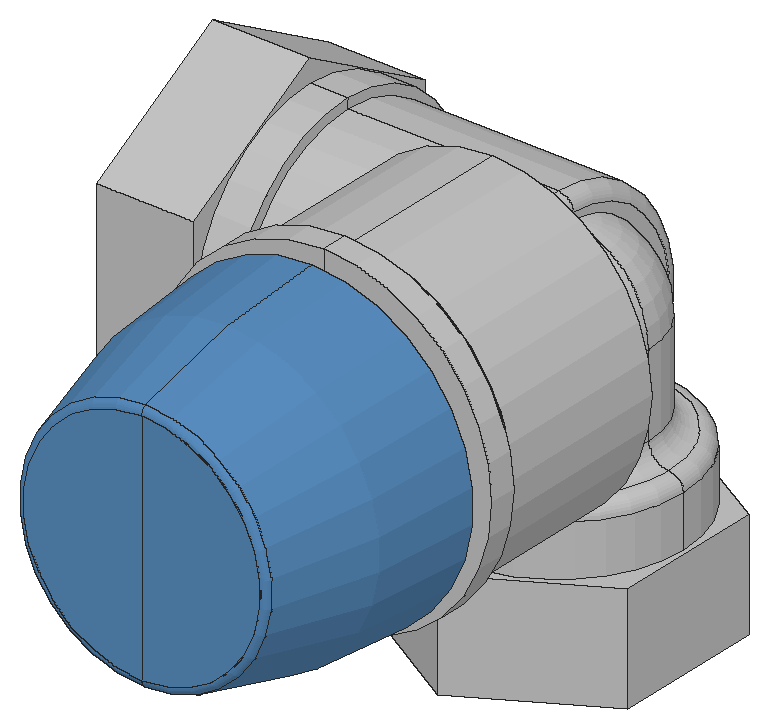
Revit family "Resideo_ThermostaticRadiatorValve_V2100RSSS", category Pipe Accessories, Revit 2020
Family settings
  Round Connector Dimension = Use Radius
  Part Type = Valve - Breaks Into
  OmniClass Number = 23.65.55.00
  OmniClass Title = Distribution of Supplied Liquids/Gases
  Work Plane-Based = No
  Always vertical = Yes
  Cut with Voids When Loaded = No
  Shared = No
Parameters (values of type "V2100RPI15")
  pH-Value = "8 ... 9.5"
  b = 10.00 mm
  a = 20.00 mm
  _ObjectUserGuide = "https://www.bimstore.co/products/thermostatic-radiator-valve-v2100r/document/object-user-guide"
  _DistributedBy = "https://www.bimstore.co/"
  _CurrentRevision = 1
  _CreatedBy = "https://www.bimstore.co/"
  _BimSpecGuid = 0
  _BSBibleVersion = 16
  _AuthorizedBy = "bimstore"
  _Author = "AM"
  WarrantyStartDate [instance] = "Please record on commissioning"
  WarrantyGuarantorParts = "www.resideo.com/gb/en/contact-us/"
  WarrantyGuarantorLabor = "www.resideo.com/gb/en/contact-us/"
  WarrantyDurationUnit = "Year"
  WarrantyDurationParts = "0"
  WarrantyDurationLabor = "0"
  WarrantyDescription = "n/a"
  ValveType = "V2100R"
  ValveSeries = "V2100, Kombi-TRV"
  TypeName = "V2100RPI15"
  StrokeStandard = "2.5 mm"
  SpareParts = "n/a"
  Size = "70mm (L) x 48mm (H) x 54mm (D)"
  Shape = "n/a"
  SerialNumber [instance] = "Please record on commissioning"
  SecondaryMaterial = Resideo - Plastic - Blue
  ReplacementCost = "n/a"
  ReferencedStandard = "n/a"
  RadiatorConnection = "R 1/2\""
  ProductionYear = "2023"
  PrimaryMaterial = Resideo - Brass - Nickel Plated
  PreSetting = "Yes"
  PipeConnection = "Rp 1/2\""
  NominalPressure = "PN10"
  NominalLength = 70.00 mm
  NominalHeight = 48.00 mm
  NominalFlow = "120 kg/h"
  NominalDepth = 54.00 mm
  NBSReference = "90-10-90/364"
  NBSOfficeMasterTag = "n/a"
  NBSObjectName = "Resideo - Thermostatic radiator valves"
  NBSNote = "n/a"
  NBSDescription = "Thermostatic radiator valves"
  ModelReference = "KOMBI-TRV, DN15, RIGHT CORNER, RP1/2\""
  ModelNumber = "V2100RPI15"
  MinimumFlow = 0.17 L/min
  MediumType = "Water or water-glycol mixture according to VDI 2035"
  MediaTemperatureRange = "2 ... 90 °C"
  MaximumOperatingPressure = 10.0 bar
  MaximumFlow = 2.67 L/min
  MaximumAmbientRelativeHumidity = "75 % (non condensing)"
  Material = "Brass"
  ManufacturerName = "Resideo"
  InstallationDate [instance] = "Please record on commissioning"
  IfcExportType = "IfcValveTypeEnum.ISOLATING"
  IfcExportAs = "IfcValve"
  Grade = "n/a"
  Force = "90 Nm"
  FlowController = "Yes"
  Finish = "n/a"
  Features = "n/a"
  ExpectedLife = 0
  DurationUnit = "Year"
  DocumentationTechnical = "https://www.bimstore.co/products/thermostatic-radiator-valve-v2100r/document/technical-data-sheet"
  DocumentationMaintenance = "https://www.bimstore.co/products/thermostatic-radiator-valve-v2100r/document/maintenance-information"
  DocumentationLiterature = "https://www.bimstore.co/products/thermostatic-radiator-valve-v2100r/document/product-literature"
  DocumentationInstallationGuide = "https://www.bimstore.co/products/thermostatic-radiator-valve-v2100r/document/installation-guide"
  DocumentationCertificates = "https://www.bimstore.co/products/thermostatic-radiator-valve-v2100r/document/product-certificates"
  DifferentialPressure = "0.1 … 0.6 bar"
  Default Elevation = 0.00 mm
  CreatedOn = "2023-09-15 T:09:00:00"
  CreatedBy = "www.resideo.com/gb/en/contact-us/"
  Constituents = "n/a"
  ConnectionType = "M30x1.5"
  ConnectionSize = 15.00 mm
  ConnectionRadius = ConnectionSize / 2  # 7.50 mm
  Color = "n/a"
  CodePerformance = "n/a"
  ClosingDimension = "11.5 mm"
  ClassificationValue = "Pr_65_54_95_89"
  ClassificationName = "Uniclass 2015"
  BarCode [instance] = "Please record on commissioning"
  BIMObjectName = "Resideo_ThermostaticRadiatorValve_V2100R"
  AssetType = "Fixed"
  AssetIdentifier [instance] = "Please record on commissioning"
  URL = "www.resideo.com"
  Type Comments = "KOMBI-TRV, DN15, RIGHT CORNER, RP1/2\""
  Model = "V2100RPI15"
  Manufacturer = "Resideo"
  Loss Method = K Coefficient
  Keynote = "S"
  K Coefficient = 0
  Description = "KOMBI-TRV, DN15, RIGHT CORNER, RP1/2\""
  Cost = 0
  Assembly Code = "D20"
  AmbientTemperature = "0 ... 40 °C"
  AccessibilityPerformance = "n/a"
Types (2, lengths in mm): name | b | a | TypeName | RadiatorConnection | PipeConnection | ModelReference | ModelNumber | ConnectionSize | ConnectionRadius | Type Comments | Model | Description
  V2100RPI10-1/2 | 7.00 | 15.00 | "V2100RPI10-1/2" | "R 3/8\"" | "Rp 3/8\"" | "KOMBI-TRV, DN10, RIGHT CORNER, RP1/2\"" | "V2100RPI10-1/2" | 10.00 | 5.00 | "KOMBI-TRV, DN10, RIGHT CORNER, RP1/2\"" | "V2100RPI10-1/2" | "KOMBI-TRV, DN10, RIGHT CORNER, RP1/2\""
  V2100RPI15 | 10.00 | 20.00 | "V2100RPI15" | "R 1/2\"" | "Rp 1/2\"" | "KOMBI-TRV, DN15, RIGHT CORNER, RP1/2\"" | "V2100RPI15" | 15.00 | 7.50 | "KOMBI-TRV, DN15, RIGHT CORNER, RP1/2\"" | "V2100RPI15" | "KOMBI-TRV, DN15, RIGHT CORNER, RP1/2\""
Reference planes
  plane 1 "Center (Front/Back)": y = 0
  plane 2: z = 0
  plane 3 "Center (Left/Right)": x = 0
Forms (mm)
  Revolve 1, solid, material "Resideo - Plastic - Blue" <- "SecondaryMaterial", detail levels medium+fine
    sketch origin (0, 0, 0) x (0, 1, 0) y (0, 0, 1)
      loop
        line (-32.075, 4.5) -> (-32.075, 21.255)
        arc (-32.075, 21.255) -> (-42.957, 20.366) -> (-53.517, 17.593) r 62.407
        arc (-53.517, 17.593) -> (-53.922, 17.286) -> (-54.075, 16.801) r 0.842
        line (-54.075, 16.801) -> (-54.075, 4.5) -> (-32.075, 4.5)
      axis (-32.075, 4.5) -> (-54.075, 4.5)
    angle from 0 to 360
  Revolve 2, solid, material "Resideo - Brass - Nickel Plated" <- "PrimaryMaterial", detail levels medium+fine
    sketch origin (0, 0, 0) x (0, 1, 0) y (0, 0, 1)
      loop
        line (-32.075, 4.5) -> (0.012, 4.5) -> (0.012, 6.761) -> (-8.541, 20.996) -> (-26.697, 20.996) -> (-27.701, 22) -> (-30.5, 22) -> (-30.5, 19.5) -> (-32.075, 19.5) -> (-32.075, 4.5)
      axis (-32.075, 4.5) -> (0.012, 4.5)
    angle from 0 to 360
  Extrusion 3, solid, material "Resideo - Brass - Nickel Plated" <- "PrimaryMaterial", detail levels medium+fine
    sketch origin (0, 0, 0) x (1, 0, 0) y (0, 1, 0)
      loop
        line (-13.5, 7.794) -> (-13.5, -7.794) -> (0, -15.588) -> (13.5, -7.794) -> (13.5, 7.794) -> (0, 15.588) -> (-13.5, 7.794)
      loop
        circle (0, 0) r 7.5
    from -14.835 to -26
  Extrusion 4, solid, material "Resideo - Brass - Nickel Plated" <- "PrimaryMaterial", detail levels medium+fine
    sketch origin (0, 0, 0) x (0, 1, 0) y (0, 0, 1)
      loop
        line (15, 8.66) -> (0, 17.321) -> (-15, 8.66) -> (-15, -8.66) -> (0, -17.321) -> (15, -8.66) -> (15, 8.66)
      loop
        circle (0, 0) r 7.5
    from -35.901 to -25.85
  Revolve 5, solid, material "Resideo - Brass - Nickel Plated" <- "PrimaryMaterial", detail levels medium+fine
    sketch origin (0, 0, 0) x (1, 0, 0) y (0, 0, 1)
      loop
        line (-21.85, 15) -> (-25.85, 15) -> (-25.85, 0) -> (1.5, 0) -> (1.5, 12.5)
        arc (1.5, 12.5) -> (1.061, 13.561) -> (0, 14) r 1.5
        line (0, 14) -> (-21.85, 14) -> (-21.85, 15)
      axis (1.5, 0) -> (-25.85, 0)
    angle from 0 to 360
  Revolve 6, solid, material "Resideo - Brass - Nickel Plated" <- "PrimaryMaterial", detail levels medium+fine
    sketch origin (0, 0, 0) x (1, 0, 0) y (0, 0, 1)
      loop
        line (0, -14.835) -> (0, 11.9)
        arc (0, 11.9) -> (-6.647, 9.147) -> (-9.4, 2.5) r 9.4
        line (-9.4, 2.5) -> (-9.4, -5.9)
        arc (-9.4, -5.9) -> (-10.015, -7.385) -> (-11.5, -8) r 2.1
        arc (-11.5, -8) -> (-12.561, -8.439) -> (-13, -9.5) r 1.5
        line (-13, -9.5) -> (-13, -14.835) -> (0, -14.835)
      axis (0, 11.9) -> (0, -14.835)
    angle from 0 to 360
Lines and regions (mm)
  model lines, detail levels coarse
    curve 1: line (-7.5, 0, -15) -> (7.5, 0, -15)
    curve 2: line (-7.5, 0, -15) -> (0, 0, 0)
    curve 3: line (7.5, 0, -15) -> (0, 0, 0)
    curve 4: line (0, 0, -15) -> (0, 0, -26)
    curve 5: line (-7.5, -20, 0) -> (7.5, -20, 0)
    curve 6: line (-7.5, -20, 0) -> (-7.5, -10, 0)
    curve 7: line (7.5, -20, 0) -> (7.5, -10, 0)
    curve 8: line (0, 0, 0) -> (0, -20, 0)
    curve 9: line (-15, 0, 7.5) -> (-15, 0, -7.5)
    curve 10: line (-15, 0, 7.5) -> (0, 0, 0)
    curve 11: line (-15, 0, -7.5) -> (0, 0, 0)
    curve 12: line (-35.901, 0, 0) -> (-15, 0, 0)
Dimensions and locks
  equal spacing: curve 1, plane 3 "Center (Left/Right)", curve 1
  "ConnectionSize": curve 1 to curve 1
  "ConnectionSize": level to curve 1
  equal spacing: curve 5, plane 3 "Center (Left/Right)", curve 5
  "ConnectionSize": curve 5 to curve 5
  "a": curve 5 to plane 1 "Center (Front/Back)"
  "b": curve 5 to curve 6
  "b": curve 5 to curve 7
  equal spacing: curve 9, level, curve 9
  "ConnectionSize": curve 9 to curve 9
  "ConnectionSize": plane 3 "Center (Left/Right)" to curve 9
  "ConnectionRadius": radius of Extrusion 4 sketch curve
  "ConnectionRadius": radius of Extrusion 3 sketch curve
  aligned and locked: level to plane 2
  aligned and locked: level to Extrusion 4 sketch curve
  aligned and locked: plane 1 "Center (Front/Back)" to Extrusion 4 sketch curve
  aligned and locked: plane 1 "Center (Front/Back)" to Extrusion 3 sketch curve
  aligned and locked: plane 3 "Center (Left/Right)" to Extrusion 3 sketch curve
  aligned and locked: plane 1 "Center (Front/Back)" to curve 8
  aligned and locked: curve 5 to curve 8
  aligned and locked: curve 8 to plane 3 "Center (Left/Right)"
  aligned and locked: curve 9 to curve 12
Automatic sketch dimensions
  level to Revolve 1 sketch curve = 16.801 mm
  plane 1 "Center (Front/Back)" to Revolve 1 sketch curve = 54.075 mm
  Revolve 1 sketch curve to Revolve 1 sketch curve = 0.842 mm
  plane 1 "Center (Front/Back)" to Revolve 1 sketch curve = 32.453 mm
  Revolve 1 sketch curve to Revolve 1 sketch curve = 21.158 mm
  level to Revolve 1 sketch curve = 4.50 mm  (x2)
  Revolve 1 sketch curve to level = 41.151 mm
  Revolve 1 sketch curve to Revolve 1 sketch curve = 16.755 mm
  Revolve 1 sketch curve to Revolve 1 sketch curve = 0.00 mm
  Revolve 1 sketch curve to Revolve 1 sketch curve = 10.00 mm
  level to Revolve 2 sketch curve = 4.50 mm  (x2)
  plane 1 "Center (Front/Back)" to Revolve 2 sketch curve = 32.075 mm
  Revolve 2 sketch curve to Revolve 2 sketch curve = 1.575 mm
  Revolve 2 sketch curve to Revolve 2 sketch curve = 2.799 mm
  Revolve 2 sketch curve to Revolve 2 sketch curve = 1.004 mm  (x2)
  plane 1 "Center (Front/Back)" to Revolve 2 sketch curve = 8.541 mm
  Revolve 2 sketch curve to plane 1 "Center (Front/Back)" = 0.012 mm
  Revolve 2 sketch curve to Revolve 2 sketch curve = 2.261 mm
  Revolve 2 sketch curve to Revolve 2 sketch curve = 15.00 mm
  Revolve 2 sketch curve to Revolve 2 sketch curve = 14.235 mm
  Revolve 2 sketch curve to Revolve 2 sketch curve = 0.00 mm
  Revolve 2 sketch curve to Revolve 2 sketch curve = 10.00 mm
  Revolve 5 sketch curve to level = 0.00 mm  (x2)
  Revolve 5 sketch curve to plane 3 "Center (Left/Right)" = 0.00 mm
  level to Revolve 5 sketch curve = 14.00 mm
  Revolve 5 sketch curve to plane 3 "Center (Left/Right)" = 21.85 mm
  Revolve 5 sketch curve to Revolve 5 sketch curve = 4.00 mm
  plane 3 "Center (Left/Right)" to Revolve 5 sketch curve = 1.50 mm
  Revolve 5 sketch curve to Revolve 5 sketch curve = 1.00 mm
  Revolve 5 sketch curve to Revolve 5 sketch curve = 0.00 mm
  Revolve 5 sketch curve to Revolve 5 sketch curve = 31.665 mm
  Revolve 6 sketch curve to plane 3 "Center (Left/Right)" = 0.00 mm  (x2)
  level to Revolve 6 sketch curve = 2.50 mm
  Revolve 6 sketch curve to Revolve 6 sketch curve = 9.40 mm
  Revolve 6 sketch curve to Revolve 6 sketch curve = 2.10 mm
  Revolve 6 sketch curve to Revolve 6 sketch curve = 1.50 mm  (x2)
  Revolve 6 sketch curve to level = 5.90 mm
  Revolve 6 sketch curve to Revolve 6 sketch curve = 5.335 mm
  Revolve 6 sketch curve to Revolve 6 sketch curve = 0.00 mm
  Revolve 6 sketch curve to Revolve 6 sketch curve = 5.582 mm
  Extrusion 3 sketch curve to plane 3 "Center (Left/Right)" = 0.00 mm  (x2)
  Extrusion 3 sketch curve to plane 3 "Center (Left/Right)" = 13.50 mm
  plane 3 "Center (Left/Right)" to Extrusion 3 sketch curve = 13.50 mm
  plane 1 "Center (Front/Back)" to Extrusion 3 sketch curve = 7.794 mm  (x2)
  Extrusion 3 sketch curve to Extrusion 3 sketch curve = 7.794 mm  (x2)
  Extrusion 3 sketch curve to plane 1 "Center (Front/Back)" = 7.794 mm  (x2)
  Extrusion 4 sketch curve to plane 1 "Center (Front/Back)" = 0.00 mm  (x2)
  plane 1 "Center (Front/Back)" to Extrusion 4 sketch curve = 15.00 mm
  Extrusion 4 sketch curve to plane 1 "Center (Front/Back)" = 15.00 mm
  Extrusion 4 sketch curve to level = 8.66 mm  (x2)
  Extrusion 4 sketch curve to Extrusion 4 sketch curve = 8.66 mm  (x2)
  level to Extrusion 4 sketch curve = 8.66 mm  (x2)
  curve 12 to level = 0.00 mm
  curve 11 to level = 0.00 mm
  curve 11 to plane 3 "Center (Left/Right)" = 0.00 mm
  curve 4 to plane 3 "Center (Left/Right)" = 0.00 mm
  curve 12 to curve 12 = 20.901 mm
  curve 4 to curve 4 = 11.00 mm
Connectors
  piping at (-35.901, 0, 0), diameter 15, driven by "ConnectionRadius"
    settings: on Extrusion 4, index 1, connector inside diameter 609.6 mm, connector length 0.00 mm, flow factor 0, pipe flow 0.0 L/min, pressure drop 0.0 bar, fitting loss kfactor 0, connector angle 0.00°, fixture units 0, engagement length 0.00 mm, angle of deflection 0.00°, flow configuration 0, flow direction 2, fitting loss method 0, system type 29, joint type 0, gender type 0, connector reference index 2, connector utility 0, adjustable connector no, is connector primary yes, connector description ""
  piping at (0, 0, -26), diameter 15, driven by "ConnectionRadius"
    settings: on Extrusion 3, index 2, connector inside diameter 609.6 mm, connector length 0.00 mm, flow factor 0, pipe flow 0.0 L/min, pressure drop 0.0 bar, fitting loss kfactor 0, connector angle 0.00°, fixture units 0, engagement length 0.00 mm, angle of deflection 0.00°, flow configuration 0, flow direction 1, fitting loss method 0, system type 29, joint type 0, gender type 0, connector reference index 1, connector utility 0, adjustable connector no, is connector primary no, connector description ""
